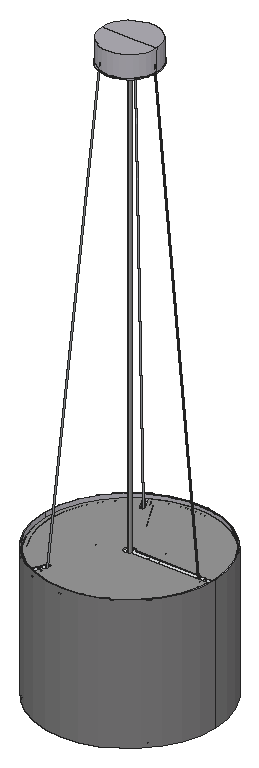
Revit family "Lighting - Lumetta - Pendant - P51814L2A", category Lighting Fixtures, host Ceiling, Revit 2015
Parameters
  Wattage = 11.7117 W
  built-in parameter 1150110 = 1 (stored number, unit not read)
  URL = "https://lumetta.com/luminaires/drum-l2-18-inch-acoustic-pendant-light/"
  Type Comments = ""
  built-in parameter 1114217 = 1 (stored number, unit not read)
  Top Lens-Material [instance] = Acrylic - 2447 - White
  Top Lens [instance] = yes
  built-in parameter 1150109 = 1 (stored number, unit not read)
  built-in parameter 1150134 = (empty or 0)
  Suspension [instance] = 2
  built-in parameter 1150113 = 1 (stored number, unit not read)
  Stem Hung-ALL Lamping [instance] = Suspension = 3  # no
  Model URL [instance] = "https://lumetta.com/luminaires/drum-l2-18-inch-acoustic-pendant-light/"
  Light Source Symbol Size = 0' - 1"
  Diffuser Material-Outer-Inside [instance] = Shade - Lumetta - D709-AC-Jam
  1CRD-3CBL- LED-4 Wire [instance] = Suspension = 2  # yes
  Coupling-Stems Over 60 inches [instance] = and([Stem Hung-ALL Lamping], Fixture Drop > 5' 0")  # no
  Model = "P51814 L2A"  # constant formula
  Manufacturer = "Lumetta, Inc."  # constant formula
  Lumens = 1300 lm
  built-in parameter 1150115 = 1 (stored number, unit not read)
  built-in parameter 1150105 = 103.45 (stored number, unit not read)
  built-in parameter 1150137 = (empty or 0)
  built-in parameter 1150139 = (empty or 0)
  built-in parameter 1150112 = 1 (stored number, unit not read)
  built-in parameter 1150114 = 1 (stored number, unit not read)
  built-in parameter 1150132 = 1
  built-in parameter 1150102 = (empty or 0)
  built-in parameter 1150138 = (empty or 0)
  built-in parameter 1150107 = 3000 (stored number, unit not read)
  built-in parameter 1150106 = 1.0345 (stored number, unit not read)
  Frame Finish [instance] = Paint - Lumetta - F02 - PC_Chrome
  Fixture Drop [instance] = 4' - 0"
  built-in parameter 1150104 = 10.312 (stored number, unit not read)
  Dimming Lamp Color Temperature Shift = (empty or 0)
  Diffuser Material-Outer [instance] = Shade - Lumetta - D713-AC-Aluminum
  Description = "Drum L2 Acoustic 18'' Pendant"  # constant formula
  Cord [instance] = or(Suspension = 1, Suspension = 2)  # yes
  3 Cables [instance] = or(Suspension = 1, Suspension = 2)  # yes
  1CRD-3CBL-STD and 2 or 3 Wire [instance] = Suspension = 1  # no
  Cord Color [instance] = Cord, Black
  Color Filter = 16777215
  built-in parameter 1114218 = 1 (stored number, unit not read)
  built-in parameter 1150133 = 10 (stored number, unit not read)
Reference planes (in)
  plane 1 "Light Source Axis (F/B)": y = 0
  plane 2 "Ceiling": z = 96
  plane 3 "Light Source Axis (L/R)": x = 0
  plane 4 "Light Source Elevation": z = 45.5
  plane 5 "Fixture-Top": z = 48
  plane 6 "Fixture-Radius": x = 9
  plane 7 "Fixture-Height": z = 34
  plane 8: through (0, 0, 0) normal (-0.5, -0.866, 0)
  plane 9: y = 0
  plane 10: through (0, 0, 0) normal (0.5, -0.866, 0)
  plane 11 "Plane-120": through (-4.5, 7.79423, 0) normal (0.5, -0.866, 0)
  plane 12 "Plane-240": through (-66.85383, 28.20577, 0) normal (0.5, 0.866, 0)
  plane 13: through (0, 0, 0) normal (-0.866, -0.5, 0)
  plane 14: through (0, 0, 0) normal (0.866, -0.5, 0)
Forms (in)
  Revolve 1, solid, material "Paint - Lumetta - F02 - PC_Chrome" <- "Frame Finish", visible <- "1CRD-3CBL-STD and 2 or 3 Wire"
    sketch origin (0, 0, 0) x (1, 0, 0) y (0, 0, 1)
      loop
        line (0, 96) -> (0, 94.9375) -> (0.2793, 94.9375) -> (0.375, 95.4375) -> (3, 95.4375) -> (3, 95.5) -> (2.87509, 95.5) -> (2.87509, 96) -> (0, 96)
      axis (0, 96) -> (0, 94.9375)
    angle from 0 to 360
  Extrusion 2, void
    sketch origin (0, 0, 95.4375) x (0, -1, 0) y (1, 0, 0)
      loop
        circle (0, 0) r 0.25
      loop
        circle (0, 2.5) r 0.06274
      loop
        circle (-2.16506, -1.25) r 0.06274
      loop
        circle (2.16506, -1.25) r 0.06274
    from 0 to 0.06358
  Revolve 3, solid, material "Paint - Lumetta - F02 - PC_Chrome" <- "Frame Finish"
    sketch origin (0, 0, 0) x (1, 0, 0) y (0, 0, 1)
      loop
        line (9, 48) -> (8.93781, 48) -> (8.93781, 47.56373) -> (8.50031, 47.56373) -> (8.50031, 47.50123) -> (9, 47.50123) -> (9, 48)
      loop
        line (9, 34.50004) -> (8.93781, 34.50004) -> (8.93781, 34.06378) -> (8.50031, 34.06378) -> (8.50031, 34) -> (9, 34) -> (9, 34.50004)
      axis (0, 48) -> (0, 34)
    angle from 0 to 360
  Revolve 4, solid, material "Shade - Lumetta - D713-AC-Aluminum" <- "Diffuser Material-Outer"
    sketch origin (0, 0, 0) x (1, 0, 0) y (0, 0, 1)
      loop
        line (9, 48) -> (9, 34) -> (9.03125, 34) -> (9.03125, 48) -> (9, 48)
      axis (0, 48) -> (0, 34)
    angle from 0 to 360
  Revolve 5, solid, material "Paint - Lumetta - F02 - PC_Chrome" <- "Frame Finish", visible <- "1CRD-3CBL- LED-4 Wire"
    sketch origin (0, 0, 0) x (1, 0, 0) y (0, 0, 1)
      loop
        line (0, 96) -> (0, 93.22) -> (0.26563, 93.22) -> (0.36282, 93.72) -> (3, 93.72) -> (3, 93.78) -> (2.875, 93.78) -> (2.875, 96) -> (0, 96)
      axis (0, 96) -> (0, 93.22)
    angle from 0 to 360
  Extrusion 6, solid, material "Paint - Lumetta - F02 - PC_Chrome" <- "Frame Finish", visible <- "Stem Hung-ALL Lamping"
    sketch origin (0, 0, 48) x (0, -1, 0) y (-1, 0, 0)
      loop
        circle (0, 0) r 0.25
    from 0.56254 to -48
  Revolve 7, solid, material "Paint - Lumetta - F02 - PC_Chrome" <- "Frame Finish", visible <- "Coupling-Stems Over 60 inches"
    sketch origin (0, 0, 0) x (1, 0, 0) y (0, 0, 1)
      loop
        line (0, 108.53023) -> (0, 108) -> (0.26233, 108)
        arc (0.26233, 108) -> (0.31307, 108.05074) -> (0.26233, 108.10149) r 0.05074
        arc (0.26233, 108.10149) -> (0.29304, 108.26499) -> (0.26243, 108.42851) r 0.45126
        arc (0.26243, 108.42851) -> (0.31329, 108.47937) -> (0.26243, 108.53023) r 0.05086
        line (0.26243, 108.53023) -> (0, 108.53023)
      axis (0, 108.53023) -> (0, 108)
    angle from 0 to 360
  Revolve 8, solid, material "Paint - Lumetta - F02 - PC_Chrome" <- "Frame Finish", visible <- "Stem Hung-ALL Lamping"
    sketch origin (0, 0, 0) x (1, 0, 0) y (0, 0, 1)
      loop
        line (0, 96) -> (0, 93.40625) -> (0.34988, 93.40625)
        arc (0.34988, 93.40625) -> (0.49124, 93.54417) -> (0.58115, 93.72) r 0.61026
        line (0.58115, 93.72) -> (3, 93.72) -> (3, 93.78) -> (2.875, 93.78) -> (2.875, 96) -> (0, 96)
      axis (0, 96) -> (0, 93.40625)
    angle from 0 to 360
  Extrusion 9, solid, material "Cord, Black" <- "Cord Color", visible <- "Cord"
    sketch origin (0, 0, 48) x (0, -1, 0) y (1, 0, 0)
      loop
        circle (0, 0) r 0.15674
    from -0.56254 to 45.78
  Extrusion 10, solid
    sketch origin (0, 0, 48) x (0, -1, 0) y (1, 0, 0)
      loop
        line (-0.5, 8.48559) -> (-0.5, 7.75) -> (0.5, 7.75) -> (0.5, 8.48559)
        arc (0.5, 8.48559) -> (0, 8.50031) -> (-0.5, 8.48559) r 8.50031
      loop
        circle (0, 8) r 0.11051
      loop
        arc (-7.59873, -3.80978) -> (-7.36148, -4.25015) -> (-7.09873, -4.67581) r 8.50031
        line (-7.09873, -4.67581) -> (-6.4617, -4.30801) -> (-6.9617, -3.44199) -> (-7.59873, -3.80978)
      loop
        circle (-6.9282, -4) r 0.10826
      loop
        arc (7.09873, -4.67581) -> (7.36148, -4.25015) -> (7.59873, -3.80978) r 8.50031
        line (7.59873, -3.80978) -> (6.9617, -3.44199) -> (6.4617, -4.30801) -> (7.09873, -4.67581)
      loop
        circle (6.9282, -4) r 0.10826
    from -0.43627 to -0.49877
  Extrusion 11, solid, material "Paint - Lumetta - F11 - PC_White"
    sketch origin (0, 0, 48) x (0, -1, 0) y (1, 0, 0)
      loop
        circle (0, 8) r 0.11051
      loop
        line (-0.76833, 8.23292) -> (-0.76833, 3.91872) -> (-3.81453, -1.35746) -> (-7.49575, -3.48282) -> (-6.74575, -4.78185) -> (-3.00954, -2.62475) -> (3.08287, -2.62475) -> (6.76408, -4.7501) -> (7.51408, -3.45107) -> (3.77787, -1.29396) -> (0.73167, 3.98222) -> (0.73167, 8.23292) -> (-0.76833, 8.23292)
      loop
        circle (0, 7.25) r 0.15796
      loop
        circle (-6.9282, -4) r 0.11051
      loop
        circle (-6.27868, -3.625) r 0.15796
      loop
        circle (6.9282, -4) r 0.11051
      loop
        circle (6.27868, -3.625) r 0.15796
      loop
        circle (0, 0) r 0.25
    from -0.5625 to -0.49877
  Sweep 12, solid
    path origin (0, 0, 0) x (1, 0, 0) y (0, 0, 1)
      loop
        line (2.5, 95.50108) -> (7.25, 47.50123)
    profile origin (4.875, 0, 71.50116) x (0.995139, 0, 0.098478) y (0, -1, 0)
      loop
        circle (0, 0) r 0.03083
  Sweep 13, solid
    path origin (0, 0, 0) x (-0.5, 0.866025, 0) y (0, 0, 1)
      loop
        line (2.5, 95.50108) -> (7.25, 47.50123)
    profile origin (-2.4375, 4.22187, 71.50116) x (-0.49757, 0.861816, 0.098478) y (0.866025, 0.5, 0)
      loop
        circle (0, 0) r 0.03083
  Sweep 14, solid
    path origin (0, 0, 0) x (-0.5, -0.866025, 0) y (0, 0, 1)
      loop
        line (2.5, 95.50108) -> (7.25, 47.50123)
    profile origin (-2.4375, -4.22187, 71.50116) x (-0.49757, -0.861816, 0.098478) y (-0.866025, 0.5, 0)
      loop
        circle (0, 0) r 0.03083
  Extrusion 15, solid, material "Acrylic - 2447 - White" <- "Top Lens-Material", visible <- "Top Lens"
    sketch origin (0, 0, 48) x (0, -1, 0) y (1, 0, 0)
      loop
        arc (-7.87592, -4.08967) -> (-7.80002, -4.15205) -> (-7.70248, -4.14031) r 0.125
        line (-7.70248, -4.14031) -> (-6.41109, -3.39567)
        arc (-6.41109, -3.39567) -> (-6.04935, -3.4926) -> (-6.14587, -3.85504) r 0.26481
        line (-6.14587, -3.85504) -> (-7.43686, -4.60039)
        arc (-7.43686, -4.60039) -> (-7.49579, -4.67899) -> (-7.47971, -4.77591) r 0.125
        arc (-7.47971, -4.77591) -> (0, -8.87443) -> (7.47971, -4.77591) r 8.87443
        arc (7.47971, -4.77591) -> (7.49579, -4.67899) -> (7.43686, -4.60039) r 0.125
        line (7.43686, -4.60039) -> (6.14628, -3.85433)
        arc (6.14628, -3.85433) -> (6.04935, -3.4926) -> (6.4115, -3.39496) r 0.26481
        line (6.4115, -3.39496) -> (7.70248, -4.14031)
        arc (7.70248, -4.14031) -> (7.80002, -4.15205) -> (7.87592, -4.08967) r 0.125
        arc (7.87592, -4.08967) -> (7.68548, 4.43721) -> (0.39621, 8.86558) r 8.87443
        arc (0.39621, 8.86558) -> (0.30423, 8.83104) -> (0.26563, 8.7407) r 0.125
        line (0.26563, 8.7407) -> (0.26563, 0.52733)
        arc (0.26563, 0.52733) -> (0.27899, 0.4711) -> (0.31622, 0.42689) r 0.125
        arc (0.31622, 0.42689) -> (0, -0.53125) -> (-0.31622, 0.42689) r 0.53125
        arc (-0.31622, 0.42689) -> (-0.27899, 0.4711) -> (-0.26562, 0.52733) r 0.125
        line (-0.26562, 0.52733) -> (-0.26562, 8.7407)
        arc (-0.26562, 8.7407) -> (-0.30423, 8.83104) -> (-0.39621, 8.86558) r 0.125
        arc (-0.39621, 8.86558) -> (-7.68548, 4.43721) -> (-7.87592, -4.08967) r 8.87443
    from -0.375 to -0.43627
  Extrusion 16, solid, material "Acrylic - 2447 - White"
    sketch origin (0, 0, 48) x (0, -1, 0) y (1, 0, 0)
      loop
        circle (0, 0) r 3
      loop
        circle (0, 2) r 0.07031
      loop
        circle (0, -2) r 0.07031
      loop
        arc (-1.95829, -1.55405) -> (-1.89298, -1.60633) -> (-1.81142, -1.625) r 0.1875
        line (-1.81142, -1.625) -> (1.81142, -1.625)
        arc (1.81142, -1.625) -> (1.89298, -1.60633) -> (1.95829, -1.55405) r 0.1875
        arc (1.95829, -1.55405) -> (2.5, 0) -> (1.95829, 1.55405) r 2.5
        arc (1.95829, 1.55405) -> (1.89298, 1.60633) -> (1.81142, 1.625) r 0.1875
        line (1.81142, 1.625) -> (-1.81142, 1.625)
        arc (-1.81142, 1.625) -> (-1.89298, 1.60633) -> (-1.95829, 1.55405) r 0.1875
        arc (-1.95829, 1.55405) -> (-2.5, 0) -> (-1.95829, -1.55405) r 2.5
    from -0.80264 to -0.56254
  Extrusion 17, solid, material "Acrylic - P95 - Etched White"
    sketch origin (0, 0, 48) x (0, -1, 0) y (1, 0, 0)
      loop
        circle (0, 0) r 3
    from -10.55122 to -10.2986
  Revolve 18, solid, material "Shade - Lumetta - D61 - MT_White"
    sketch origin (0, 0, 0) x (1, 0, 0) y (0, 0, 1)
      loop
        line (3, 47.43746) -> (3, 37.43746) -> (3.03125, 37.43746) -> (3.03125, 47.43746) -> (3, 47.43746)
      axis (0, 47.43746) -> (0, 37.43746)
    angle from 0 to 360
  Revolve 19, solid, material "Shade - Lumetta - D709-AC-Jam" <- "Diffuser Material-Outer-Inside"
    sketch origin (0, 0, 0) x (1, 0, 0) y (0, 0, 1)
      loop
        line (9, 47.50123) -> (8.875, 47.50123) -> (8.875, 34.06378) -> (9, 34.06378) -> (9, 47.50123)
      axis (0, 47.50123) -> (0, 34.06378)
    angle from 0 to 360
Dimensions and locks (in)
  equal spacing: host sketch curve, plane 3 "Light Source Axis (L/R)", host sketch curve
  equal spacing: host sketch curve, plane 1 "Light Source Axis (F/B)", host sketch curve
  host sketch curve to host sketch curve = 10' - 0"  (x2)
  "Fixture Drop": plane 2 "Ceiling" to plane 5 "Fixture-Top"
  locked: plane 5 "Fixture-Top" to plane 4 "Light Source Elevation" at 2.5
  plane 6 "Fixture-Radius" to plane 3 "Light Source Axis (L/R)" = 0' - 9"
  locked: plane 5 "Fixture-Top" to plane 7 "Fixture-Height" at 14
  locked: Revolve 1 sketch curve to plane 3 "Light Source Axis (L/R)" at 2.87509
  locked: Revolve 1 sketch curve to plane 3 "Light Source Axis (L/R)" at 3
  locked: Extrusion 2 sketch curve to Extrusion 2 sketch curve at 2.5
  locked: plane 6 "Fixture-Radius" to Revolve 3 sketch curve at 0.06219  (x2)
  locked: Revolve 4 sketch curve to plane 6 "Fixture-Radius" at 0.03125
  locked: Revolve 3 to Revolve 4 at 0.06378
  locked: Extrusion 6 sketch curve to imposter light
  locked: Extrusion 6 sketch curve to imposter light at 0
  Revolve 7 sketch curve to Revolve 7 sketch curve = 0' - 0.15822"
  locked: Revolve 7 sketch curve to Revolve 4 at 60
  locked: Revolve 7 sketch curve to Revolve 7 sketch curve at 0.53023
  locked: Revolve 7 sketch curve to Revolve 7 sketch curve at 0.26243
  locked: Revolve 7 sketch curve to Revolve 7 sketch curve at 0.26233
  locked: Revolve 7 sketch curve to Revolve 7 sketch curve at 0.05074
  locked: Revolve 7 sketch curve to Revolve 7 sketch curve at 0.47937
  locked: Revolve 7 sketch curve to Revolve 7 sketch curve at 0.26512
  locked: Revolve 8 sketch curve to Revolve 8 sketch curve at 2.875
  locked: Revolve 8 sketch curve to Revolve 8 sketch curve at 0.31375
  locked: plane 5 "Fixture-Top" to Revolve 3 sketch curve at 0.49877
  locked: Revolve 3 sketch curve to Revolve 3 sketch curve at 0.0625
  locked: Revolve 3 sketch curve to plane 7 "Fixture-Height" at 0.50004
  locked: plane 6 "Fixture-Radius" to Revolve 3 sketch curve at 0.49969
  locked: host ceiling to Revolve 5 sketch curve at 2.28
  locked: Revolve 5 sketch curve to Revolve 5 sketch curve at 0
  locked: Revolve 5 sketch curve to Revolve 5 sketch curve at 2.875
  locked: Revolve 5 sketch curve to Revolve 5 sketch curve at 0.26563
  locked: Revolve 5 sketch curve to Revolve 5 sketch curve at 0.36282
  locked: Revolve 5 sketch curve to Revolve 5 sketch curve at 0.06
  locked: Revolve 5 sketch curve to Revolve 5 sketch curve at 0.5
  locked: Revolve 1 sketch curve to Revolve 1 sketch curve at 0.0625
  locked: host ceiling to Revolve 1 sketch curve at 0.5625
  locked: Revolve 1 sketch curve to Revolve 1 sketch curve at 0.5625
  locked: Revolve 1 sketch curve to Revolve 1 sketch curve at 3
  Revolve 1 sketch curve to Revolve 1 sketch curve = 0' - 2.87509"
  locked: Revolve 1 sketch curve to Revolve 1 sketch curve at 0.5
  locked: Revolve 1 sketch curve to Revolve 1 sketch curve at 0.375
  locked: Revolve 1 sketch curve to Revolve 1 sketch curve at 0.2793
  equal spacing: Extrusion 10 sketch curve, plane 1 "Light Source Axis (F/B)", Extrusion 10 sketch curve
  locked: Extrusion 10 sketch curve to plane 1 "Light Source Axis (F/B)" at 0.5
  locked: Extrusion 10 sketch curve to plane 6 "Fixture-Radius" at 1
  locked: Extrusion 10 sketch curve to plane 6 "Fixture-Radius" at 1.25
  locked: Extrusion 11 sketch curve to plane 6 "Fixture-Radius" at 1
  locked: Extrusion 11 sketch curve to plane 6 "Fixture-Radius" at 1.75
  plane 10 to plane 11 "Plane-120" = 0' - 9"
  plane 12 "Plane-240" to plane 8 = 0' - 9"
  locked: plane 11 "Plane-120" to Extrusion 10 sketch curve at 1.25
  locked: Extrusion 10 sketch curve to plane 11 "Plane-120" at 1
  locked: plane 12 "Plane-240" to Extrusion 10 sketch curve at 1.25
  locked: Extrusion 10 sketch curve to plane 12 "Plane-240" at 1
  locked: Extrusion 11 sketch curve to plane 11 "Plane-120" at 0.76708
  locked: Extrusion 11 sketch curve to plane 12 "Plane-240" at 0.76708
  locked: Extrusion 11 sketch curve to plane 6 "Fixture-Radius" at 0.76708
  locked: Extrusion 11 sketch curve to plane 12 "Plane-240" at 1
  locked: Extrusion 11 sketch curve to plane 12 "Plane-240" at 1.75
  locked: Extrusion 11 sketch curve to plane 11 "Plane-120" at 1
  locked: Extrusion 11 sketch curve to plane 11 "Plane-120" at 1.75
  locked: plane 8 to Extrusion 11 sketch curve at 2.62475
  locked: plane 10 to Extrusion 11 sketch curve at 2.62475
  locked: Extrusion 11 sketch curve to plane 3 "Light Source Axis (L/R)" at 2.62475
  equal spacing: Extrusion 10 sketch curve, plane 13, Extrusion 10 sketch curve, locked at 0.5 each
  equal spacing: Extrusion 10 sketch curve, plane 14, Extrusion 10 sketch curve
  locked: plane 10 to Extrusion 2 sketch curve at 2.5
  locked: Extrusion 2 sketch curve to plane 8 at 2.5
  Extrusion 15 sketch curve to plane 6 "Fixture-Radius" = 0' - 9"
  locked: plane 5 "Fixture-Top" to Extrusion 15 at 0.375
  locked: Extrusion 15 sketch curve to plane 13 at 0.26562
  locked: plane 13 to Extrusion 15 sketch curve at 0.26563
  locked: Extrusion 15 sketch curve to plane 11 "Plane-120" at 1.75
  locked: Extrusion 16 sketch curve to Extrusion 16 sketch curve at 4
  locked: Extrusion 16 sketch curve to plane 3 "Light Source Axis (L/R)" at 0
  locked: Extrusion 16 sketch curve to plane 9 at 0
  locked: Extrusion 11 to Extrusion 16 at 0.24014
  locked: Extrusion 16 to Extrusion 17 at 9.98868
  locked: Extrusion 17 to Extrusion 17 at 0.25262
  locked: Revolve 18 sketch curve to Extrusion 16
  locked: Revolve 18 sketch curve to Revolve 18 sketch curve at 10
  locked: Revolve 18 sketch curve to plane 3 "Light Source Axis (L/R)" at 3
  locked: Revolve 18 sketch curve to Revolve 18 sketch curve at 0.03125
  locked: Revolve 19 sketch curve to plane 7 "Fixture-Height" at 0.06378
  locked: plane 5 "Fixture-Top" to Revolve 19 sketch curve at 0.49877
  locked: Revolve 19 sketch curve to Revolve 19 sketch curve at 0.125
  locked: plane 6 "Fixture-Radius" to Revolve 19 sketch curve at 0
  diameter of Extrusion 16 sketch curve = 0' - 6"
  diameter of Extrusion 17 sketch curve = 0' - 6"
  aligned and locked: plane 3 "Light Source Axis (L/R)" to imposter light
  aligned and locked: plane 1 "Light Source Axis (F/B)" to imposter light
  aligned and locked: plane 4 "Light Source Elevation" to imposter light
  aligned and locked: Revolve 4 sketch curve to plane 3 "Light Source Axis (L/R)"
  aligned and locked: Revolve 7 sketch curve to Revolve 7 sketch curve  (x2)
  aligned and locked: host ceiling to Extrusion 6
  aligned and locked: Revolve 5 to Extrusion 9
  aligned and locked: Extrusion 10 to Revolve 3
  aligned and locked: Revolve 3 to Extrusion 10
  aligned and locked: Extrusion 11 to Extrusion 10
  aligned and locked: Extrusion 10 sketch curve to Revolve 3
  aligned and locked: Extrusion 15 to Revolve 3
  aligned and locked: Extrusion 16 to Extrusion 6
Automatic sketch dimensions
  Revolve 4 sketch curve to plane 6 "Fixture-Radius" = 0' - 0"
  Revolve 4 sketch curve to plane 7 "Fixture-Height" = 0' - 0"
  Revolve 4 sketch curve to plane 5 "Fixture-Top" = 0' - 0"
  plane 7 "Fixture-Height" to Revolve 4 sketch curve = 0' - 1 1/4"
  Revolve 4 sketch curve to plane 5 "Fixture-Top" = 0' - 2 1/4"
  Revolve 7 sketch curve to plane 3 "Light Source Axis (L/R)" = 0' - 0"
  Revolve 7 sketch curve to Revolve 7 sketch curve = 0' - 11.34317"
  Revolve 8 sketch curve to plane 3 "Light Source Axis (L/R)" = 0' - 0"  (x3)
  Revolve 8 sketch curve to plane 2 "Ceiling" = 0' - 0"
  plane 3 "Light Source Axis (L/R)" to Revolve 8 sketch curve = 0' - 0.34988"
  Revolve 8 sketch curve to Revolve 8 sketch curve = 0' - 0.23126"
  Revolve 8 sketch curve to Revolve 8 sketch curve = 0' - 0 1/8"
  Revolve 8 sketch curve to plane 2 "Ceiling" = 0' - 2 3/32"
  Revolve 8 sketch curve to Revolve 8 sketch curve = 0' - 0.06"
  plane 2 "Ceiling" to Revolve 8 sketch curve = 0' - 1 3/4"
  Revolve 8 sketch curve to Revolve 8 sketch curve = 0' - 2 1/2"
  Revolve 5 sketch curve to plane 2 "Ceiling" = 0' - 0"
  plane 2 "Ceiling" to Revolve 5 sketch curve = 0' - 1 3/4"
  Revolve 5 sketch curve to Revolve 5 sketch curve = 0' - 2 1/2"
  plane 1 "Light Source Axis (F/B)" to Extrusion 9 sketch curve = 0' - 0"
  Extrusion 9 sketch curve to plane 3 "Light Source Axis (L/R)" = 0' - 0"
  Revolve 3 sketch curve to plane 3 "Light Source Axis (L/R)" = 0' - 0"
  Revolve 3 sketch curve to plane 7 "Fixture-Height" = 0' - 0"
  Revolve 3 sketch curve to plane 5 "Fixture-Top" = 0' - 0"
  Revolve 3 sketch curve to plane 6 "Fixture-Radius" = 0' - 0"  (x2)
  Revolve 3 sketch curve to level = 0' - 10"
  Revolve 3 sketch curve to plane 2 "Ceiling" = 0' - 1"
  Revolve 3 sketch curve to Revolve 3 sketch curve = 0' - 0 7/16"
  Revolve 3 sketch curve to Revolve 3 sketch curve = 0' - 0.06378"
  Revolve 5 sketch curve to plane 3 "Light Source Axis (L/R)" = 0' - 0"
  Revolve 5 sketch curve to Revolve 5 sketch curve = 0' - 0 1/8"
  Revolve 1 sketch curve to plane 3 "Light Source Axis (L/R)" = 0' - 0"
  Revolve 1 sketch curve to plane 5 "Fixture-Top" = 0' - 1 1/4"
  Revolve 1 sketch curve to Revolve 1 sketch curve = 0' - 9 3/4"
  Extrusion 10 sketch curve to Extrusion 10 sketch curve = 0' - 0"  (x2)
  plane 1 "Light Source Axis (F/B)" to Extrusion 10 sketch curve = 0' - 0"  (x2)
  Extrusion 10 sketch curve to Extrusion 10 sketch curve = 0' - 0.03349"  (x2)
  Extrusion 10 sketch curve to Extrusion 10 sketch curve = 0' - 0.17053"
  Extrusion 10 sketch curve to plane 6 "Fixture-Radius" = 0' - 0.51441"
  Extrusion 10 sketch curve to plane 3 "Light Source Axis (L/R)" = 0' - 0"
  plane 1 "Light Source Axis (F/B)" to Extrusion 11 sketch curve = 0' - 0"  (x3)
  Extrusion 11 sketch curve to plane 3 "Light Source Axis (L/R)" = 0' - 0"
  Extrusion 11 sketch curve to plane 3 "Light Source Axis (L/R)" = 0' - 1.35746"
  Extrusion 11 sketch curve to Extrusion 11 sketch curve = 0' - 0.80499"
  Extrusion 11 sketch curve to Extrusion 11 sketch curve = 0' - 1.21707"
  Extrusion 11 sketch curve to Extrusion 11 sketch curve = 0' - 0.64952"  (x2)
  plane 1 "Light Source Axis (F/B)" to Extrusion 11 sketch curve = 0' - 0.73167"
  Extrusion 11 sketch curve to plane 3 "Light Source Axis (L/R)" = 0' - 1.29396"
  Extrusion 11 sketch curve to Extrusion 11 sketch curve = 0' - 0.69501"
  Extrusion 11 sketch curve to Extrusion 11 sketch curve = 0' - 0.4854"
  Extrusion 11 sketch curve to Extrusion 11 sketch curve = 0' - 0.0635"
  plane 14 to Extrusion 10 sketch curve = 0' - 0"
  plane 13 to Extrusion 10 sketch curve = 0' - 0"
  Extrusion 2 sketch curve to Revolve 1 = 0' - 0"
  Extrusion 2 sketch curve to Extrusion 2 sketch curve = 0' - 1 1/4"  (x2)
  Sweep 12 sketch curve to plane 2 "Ceiling" = 0' - 0.49892"
  plane 3 "Light Source Axis (L/R)" to Sweep 12 sketch curve = 0' - 2 1/2"
  plane 5 "Fixture-Top" to Sweep 12 sketch curve = 0' - 0.49877"
  Sweep 12 sketch curve to plane 6 "Fixture-Radius" = 0' - 1 3/4"
  Sweep 12 sketch curve to plane 1 "Light Source Axis (F/B)" = 0' - 0"
  Sweep 12 sketch curve to profile plane = 0' - 0"
  Sweep 13 sketch curve to plane 2 "Ceiling" = 0' - 0.49892"
  Sweep 13 sketch curve to plane 10 = 0' - 2 1/2"
  plane 5 "Fixture-Top" to Sweep 13 sketch curve = 0' - 0.49877"
  plane 11 "Plane-120" to Sweep 13 sketch curve = 0' - 1 3/4"
  Sweep 13 sketch curve to profile plane = 0' - 0"
  profile plane to Sweep 13 sketch curve = 0' - 0"
  Sweep 14 sketch curve to plane 2 "Ceiling" = 0' - 0.49892"
  plane 8 to Sweep 14 sketch curve = 0' - 2 1/2"
  plane 5 "Fixture-Top" to Sweep 14 sketch curve = 0' - 0.49877"
  plane 12 "Plane-240" to Sweep 14 sketch curve = 0' - 1 3/4"
  profile plane to Sweep 14 sketch curve = 0' - 0"  (x2)
  Extrusion 15 sketch curve to Extrusion 15 sketch curve = 0' - 0"  (x11)
  plane 13 to Extrusion 15 sketch curve = 0' - 0"
  plane 1 "Light Source Axis (F/B)" to Extrusion 15 sketch curve = 0' - 0"
  plane 14 to Extrusion 15 sketch curve = 0' - 0"
  Extrusion 15 sketch curve to Extrusion 15 sketch curve = 0' - 1.09568"  (x2)
  Extrusion 15 sketch curve to plane 3 "Light Source Axis (L/R)" = 0' - 4.60039"  (x2)
  Extrusion 15 sketch curve to plane 3 "Light Source Axis (L/R)" = 0' - 4.14031"
  Extrusion 15 sketch curve to Extrusion 15 sketch curve = 0' - 0 1/16"  (x3)
  Extrusion 15 sketch curve to plane 1 "Light Source Axis (F/B)" = 0' - 0 25/64"  (x2)
  Extrusion 15 sketch curve to Extrusion 15 sketch curve = 0' - 0 1/8"  (x3)
  plane 1 "Light Source Axis (F/B)" to Extrusion 15 sketch curve = 0' - 0 17/64"
  Extrusion 15 sketch curve to plane 3 "Light Source Axis (L/R)" = 0' - 3 5/8"
  Extrusion 15 sketch curve to Extrusion 15 sketch curve = 0' - 0 17/64"
  Extrusion 15 sketch curve to Extrusion 15 sketch curve = 0' - 0.10825"  (x4)
  Extrusion 15 sketch curve to Extrusion 15 sketch curve = 0' - 0.46008"
  Extrusion 15 sketch curve to plane 6 "Fixture-Radius" = 0' - 0.2593"  (x2)
  Extrusion 15 sketch curve to Extrusion 15 sketch curve = 0' - 0.1324"  (x3)
  Extrusion 15 sketch curve to plane 3 "Light Source Axis (L/R)" = 0' - 3.39496"
  Extrusion 15 sketch curve to plane 3 "Light Source Axis (L/R)" = 0' - 3.85504"
  Extrusion 15 sketch curve to Extrusion 15 sketch curve = 0' - 0.0506"
  Extrusion 15 sketch curve to Extrusion 15 sketch curve = 0' - 0 17/128"
  Extrusion 15 sketch curve to Extrusion 15 sketch curve = 0' - 0.00041"  (x2)
  Extrusion 15 sketch curve to Extrusion 15 sketch curve = 0' - 0.23004"
  Extrusion 15 sketch curve to Extrusion 15 sketch curve = 0' - 0.00071"  (x3)
  Extrusion 16 sketch curve to Extrusion 16 sketch curve = 0' - 0"  (x6)
  Extrusion 16 sketch curve to plane 1 "Light Source Axis (F/B)" = 0' - 1.81142"  (x2)
  Extrusion 16 sketch curve to plane 1 "Light Source Axis (F/B)" = 0' - 0"  (x2)
  plane 1 "Light Source Axis (F/B)" to Extrusion 16 sketch curve = 0' - 1.81142"  (x2)
  Extrusion 16 sketch curve to plane 3 "Light Source Axis (L/R)" = 0' - 1 7/16"  (x2)
  Extrusion 16 sketch curve to Extrusion 16 sketch curve = 0' - 0 3/16"  (x2)
  Extrusion 16 sketch curve to Extrusion 16 sketch curve = 0' - 0 3/8"  (x2)
  plane 3 "Light Source Axis (L/R)" to Extrusion 16 sketch curve = 0' - 1 7/16"
  plane 1 "Light Source Axis (F/B)" to Extrusion 17 sketch curve = 0' - 0"
  Extrusion 17 sketch curve to plane 3 "Light Source Axis (L/R)" = 0' - 0"
  Revolve 18 sketch curve to plane 3 "Light Source Axis (L/R)" = 0' - 0"
  Revolve 18 sketch curve to Revolve 18 sketch curve = 0' - 1 1/2"
  plane 4 "Light Source Elevation" to Revolve 18 sketch curve = 0' - 0.81254"
  Revolve 19 sketch curve to plane 3 "Light Source Axis (L/R)" = 0' - 0"
  plane 7 "Fixture-Height" to Revolve 19 sketch curve = 0' - 8.74877"
  plane 4 "Light Source Elevation" to Revolve 19 sketch curve = 0' - 1.24877"
  radius of Extrusion 6 sketch curve = 0' - 0 1/4"
  radius of Extrusion 9 sketch curve = 0' - 0.15674"
  radius of Extrusion 10 sketch curve = 0' - 0.11051"
  radius of Extrusion 10 sketch curve = 0' - 0.10826"  (x2)
  radius of Extrusion 11 sketch curve = 0' - 0.11051"  (x3)
  radius of Extrusion 11 sketch curve = 0' - 0.15796"  (x3)
  radius of Extrusion 11 sketch curve = 0' - 0 1/4"
  radius of Extrusion 2 sketch curve to Revolve 1 = 0' - 0 1/8"
  radius of Extrusion 2 sketch curve = 0' - 0.06274"  (x3)
  radius of Sweep 12 sketch curve = 0' - 0.03083"
  radius of Sweep 13 sketch curve = 0' - 0.03083"
  radius of Sweep 14 sketch curve = 0' - 0.03083"
  radius of Extrusion 16 sketch curve = 0' - 0 9/128"  (x2)
